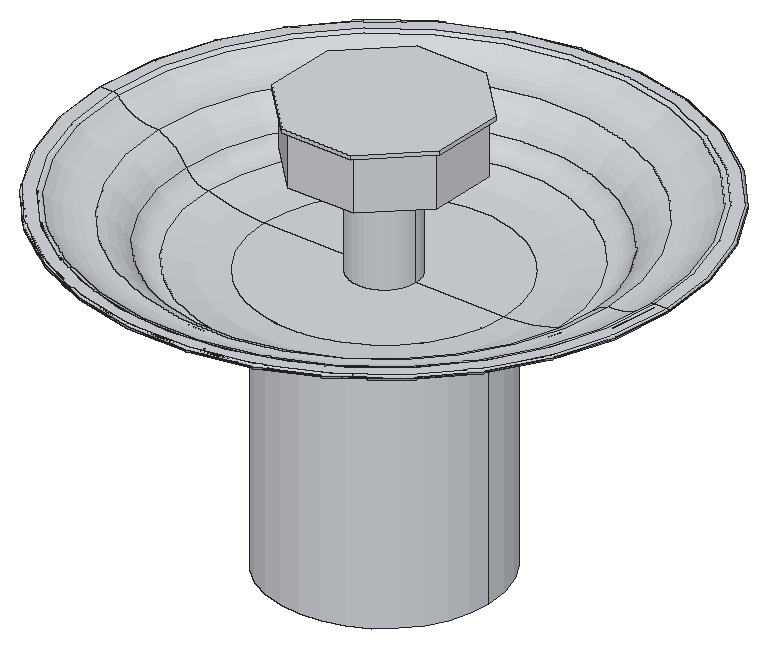
Revit family "Washfountain-Willoughby-WWF-5408-FLR-JR", category Plumbing Fixtures, Revit 2015
Parameters (values of type "Standard")
  Waste DIA = 2"
  Waste Connection = yes
  Vent Connection = no
  URL = "https://www.willoughby-ind.com/wp-content/uploads/2018/01/WAF-5408.pdf"
  Revision = "A"
  Model = "WWF-5408-FLR-JR"
  Manufacturer = "Willoughby Industries"
  HW Connection = yes
  HCW DIA = 1/2"
  Fixture Body = Stainless Steel AISI 304-Willoughby
  Description = "Eight Station Washfountain, Floor Mounted, Junior Height"
  Default Elevation = 0' - 0"
  Contact = "(800) 428-4065"
  CW Connection = yes
Reference planes (in)
  plane 1 "Center (Front/Back)": y = 0
  plane 2: z = 0
  plane 3 "Center (Left/Right)": x = 0
  plane 4: x = -27
  plane 5: x = 27
  plane 6 "Top Pf Sink": z = 34
  plane 7 "Bottom Of Sink": z = 27.5
  plane 8: x = 10
  plane 9: x = -10
  plane 10 "Bottom Of Faucet Head": z = 37.0625
  plane 11 "Faucet Head HGT": z = 41.875
  plane 12 "Top Of Cap": z = 42.25
Forms (in)
  Revolve 1, solid
    sketch origin (0, 0, -20) x (1, 0, 0) y (0, 0, 1)
      loop
        line (-27, 53.83658) -> (-27, 53.7862)
        arc (-27, 53.7862) -> (-26.95279, 53.67221) -> (-26.8388, 53.625) r 0.1612
        line (-26.8388, 53.625) -> (-25.625, 53.625)
        arc (-25.625, 53.625) -> (-23.73121, 52.27152) -> (-21.4375, 51.875) r 5.22415
        arc (-21.4375, 51.875) -> (-20.07609, 51.04401) -> (-19.0625, 49.8125) r 4.79567
        arc (-19.0625, 49.8125) -> (-18.07558, 48.76236) -> (-16.6875, 48.375) r 2.68071
        arc (-16.6875, 48.375) -> (-14.06704, 47.72021) -> (-11.375, 47.5) r 16.56473
        line (-11.375, 47.5) -> (0, 47.5) -> (0, 47.875) -> (-11.375, 47.875)
        arc (-11.375, 47.875) -> (-14.03757, 48.09545) -> (-16.62764, 48.75078) r 16.18973
        arc (-16.62764, 48.75078) -> (-17.85869, 49.06961) -> (-18.73348, 49.99258) r 2.30571
        arc (-18.73348, 49.99258) -> (-19.85977, 51.35263) -> (-21.37804, 52.25438) r 5.17067
        arc (-21.37804, 52.25438) -> (-23.50505, 52.5843) -> (-25.27973, 53.80231) r 4.84915
        arc (-25.27973, 53.80231) -> (-25.48482, 53.94841) -> (-25.73129, 54) r 0.61458
        line (-25.73129, 54) -> (-26.83658, 54)
        arc (-26.83658, 54) -> (-26.95213, 53.95213) -> (-27, 53.83658) r 0.16342
      axis (0, 54) -> (0, 47.5)
    angle from 0 to 360
  Revolve 2, solid
    sketch origin (0, 0, 0) x (1, 0, 0) y (0, 0, 1)
      loop
        line (0, 27.5) -> (-10, 27.5) -> (-10, 3) -> (0, 3) -> (0, 27.5)
      axis (0, 27.5) -> (0, 3)
    angle from 0 to 360
  Revolve 3, solid
    sketch origin (0, 0, 0) x (1, 0, 0) y (0, 0, 1)
      loop
        line (0, 34) -> (0, 37.0625) -> (-3, 37.0625) -> (-3, 27.5) -> (0, 27.5) -> (0, 34)
      axis (0, 37.0625) -> (0, 27.5)
    angle from 0 to 360
  Extrusion 4, solid
    sketch origin (0, 0, 42.25) x (1, 0, 0) y (0, 1, 0)
      loop
        line (-3.3135, 8) -> (-7.9995, 3.314) -> (-7.9995, -3.314) -> (-3.3135, -8) -> (3.3135, -8) -> (7.9995, -3.314) -> (7.9995, 3.314) -> (3.3135, 8) -> (-3.3135, 8)
    from 0 to -0.375
  Extrusion 5, solid
    sketch origin (0, 0, 37.0625) x (1, 0, 0) y (0, 1, 0)
      loop
        line (-3.1065, 7.5) -> (-7.49975, 3.10675) -> (-7.49975, -3.10625) -> (-3.1065, -7.49951) -> (3.1065, -7.49951) -> (7.49975, -3.10625) -> (7.49975, 3.10675) -> (3.1065, 7.5) -> (-3.1065, 7.5)
    from 0 to 4.8125
  Extrusion 6, solid, detail levels medium+fine
    sketch origin (0, 0, 3) x (1, 0, 0) y (0, 1, 0)
      loop
        circle (4, -2) r 1
    from 0 to 3
  Extrusion 7, solid, detail levels medium+fine
    sketch origin (0, 0, 3) x (1, 0, 0) y (0, 1, 0)
      loop
        circle (-2, -2) r 0.25
    from 0 to 3
  Extrusion 8, solid, detail levels medium+fine
    sketch origin (0, 0, 3) x (1, 0, 0) y (0, 1, 0)
      loop
        circle (-2, -6) r 0.25
    from 0 to 3
Lines and regions (in)
  symbolic lines
    curve 1: line (6.92865, 0, 41.875) -> (-6.92865, 0, 41.875)
    curve 2: line (-6.92865, 0, 41.875) -> (-6.92865, 0, 37.0625)
    curve 3: line (-6.92865, 0, 37.0625) -> (6.92865, 0, 37.0625)
    curve 4: line (6.92865, 0, 37.0625) -> (6.92865, 0, 41.875)
    curve 5: line (6.92865, 0, 41.875) -> (7.506, 0, 41.875)
    curve 6: line (7.506, 0, 41.875) -> (7.506, 0, 42.25)
    curve 7: line (7.506, 0, 42.25) -> (-7.506, 0, 42.25)
    curve 8: line (-7.506, 0, 42.25) -> (-7.506, 0, 41.875)
    curve 9: line (-7.506, 0, 41.875) -> (-6.92865, 0, 41.875)
    curve 10: line (-3, 0, 37.0625) -> (-3, 0, 34)
    curve 11: line (3, 0, 37.0625) -> (3, 0, 34)
    curve 12: line (26.87149, 0, 34) -> (-26.83229, 0, 34)
    curve 13: line (-26.83229, 0, 33.61752) -> (26.87149, 0, 33.61752)
    curve 14: arc (26.87149, 0, 33.61752) -> (27.00384, 0, 33.80876) -> (26.87149, 0, 34) r 0.20434
    curve 15: arc (-26.83229, 0, 34) -> (-27.02353, 0, 33.80876) -> (-26.83229, 0, 33.61752) r 0.19124
    curve 16: arc (-25.59331, 0, 33.61752) -> (-23.7164, 0, 32.26691) -> (-21.4375, 0, 31.875) r 5.14341
    curve 17: arc (-21.4375, 0, 31.875) -> (-20.06597, 0, 31.05566) -> (-19.0625, 0, 29.8125) r 4.547
    curve 18: arc (-19.0625, 0, 29.8125) -> (-18.06774, 0, 28.7753) -> (-16.6875, 0, 28.375) r 2.77422
    curve 19: arc (-16.6875, 0, 28.375) -> (-13.38121, 0, 27.65121) -> (-10, 0, 27.5) r 19.83774
    curve 20: line (-10, 0, 27.5) -> (10, 0, 27.5)
    curve 21: arc (10, 0, 27.5) -> (13.38558, 0, 27.6178) -> (16.6875, 0, 28.375) r 17.7964
    curve 22: arc (16.6875, 0, 28.375) -> (18.08141, 0, 28.75272) -> (19.0625, 0, 29.8125) r 2.61603
    curve 23: arc (19.0625, 0, 29.8125) -> (20.07709, 0, 31.04286) -> (21.4375, 0, 31.875) r 4.82202
    curve 24: arc (21.4375, 0, 31.875) -> (23.7314, 0, 32.26527) -> (25.625, 0, 33.61752) r 5.19634
    curve 25: line (-10, 0, 27.5) -> (-10, 0, 0)
    curve 26: line (-10, 0, 0) -> (10, 0, 0)
    curve 27: line (10, 0, 0) -> (10, 0, 27.5)
    curve 28: line (0, 7.5, 41.875) -> (0, -7.49951, 41.875)
    curve 29: line (0, -7.49951, 41.875) -> (0, -7.49951, 37.0625)
    curve 30: line (0, -7.49951, 37.0625) -> (0, 7.5, 37.0625)
    curve 31: line (0, 7.5, 37.0625) -> (0, 7.5, 41.875)
    curve 32: line (0, 7.5, 41.875) -> (0, 8, 41.875)
    curve 33: line (0, 8, 41.875) -> (0, 8, 42.25)
    curve 34: line (0, 8, 42.25) -> (0, -8, 42.25)
    curve 35: line (0, -8, 42.25) -> (0, -8, 41.875)
    curve 36: line (0, -8, 41.875) -> (0, -7.49951, 41.875)
    curve 37: line (0, -3, 37.0625) -> (0, -3, 34)
    curve 38: line (0, 3, 37.0625) -> (0, 3, 34)
    curve 39: line (0, -26.83395, 34) -> (0, 26.91605, 34)
    curve 40: line (0, 26.91605, 33.62562) -> (0, -26.83395, 33.62562)
    curve 41: arc (0, -26.83395, 33.62562) -> (0, -27.02114, 33.81281) -> (0, -26.83395, 34) r 0.18719
    curve 42: arc (0, -25.58395, 33.62562) -> (0, -23.71865, 32.25782) -> (0, -21.4375, 31.875) r 5.00412
    curve 43: arc (0, -21.4375, 31.875) -> (0, -20.07204, 31.04868) -> (0, -19.0625, 29.8125) r 4.69264
    curve 44: arc (0, -19.0625, 29.8125) -> (0, -18.06335, 28.78256) -> (0, -16.6875, 28.375) r 2.83032
    curve 45: arc (0, -16.6875, 28.375) -> (0, -13.38434, 27.62729) -> (0, -10, 27.5) r 18.33134
    curve 46: line (0, -10, 27.5) -> (0, 10, 27.5)
    curve 47: arc (0, 10, 27.5) -> (0, 13.3855, 27.61838) -> (0, 16.6875, 28.375) r 17.82836
    curve 48: arc (0, 16.6875, 28.375) -> (0, 18.06981, 28.77189) -> (0, 19.0625, 29.8125) r 2.74878
    curve 49: arc (0, 19.0625, 29.8125) -> (0, 20.06312, 31.05895) -> (0, 21.4375, 31.875) r 4.48194
    curve 50: arc (0, 21.4375, 31.875) -> (0, 23.7357, 32.26457) -> (0, 25.62805, 33.62562) r 5.16077
    curve 51: line (0, 10, 27.5) -> (0, 10, 0)
    curve 52: line (0, 10, 0) -> (0, -10, 0)
    curve 53: line (0, -10, 0) -> (0, -10, 27.5)
    curve 54: circle (0, 0, 0) r 27 normal (0, 0, 1)
    curve 57: line (-7.9995, 3.314, 0) -> (-3.3135, 8, 0)
    curve 58: line (-3.3135, 8, 0) -> (3.3135, 8, 0)
    curve 59: line (3.3135, 8, 0) -> (7.9995, 3.314, 0)
    curve 60: line (7.9995, 3.314, 0) -> (7.9995, -3.314, 0)
    curve 61: line (7.9995, -3.314, 0) -> (3.3135, -8, 0)
    curve 62: line (3.3135, -8, 0) -> (-3.3135, -8, 0)
    curve 63: line (-3.3135, -8, 0) -> (-7.9995, -3.314, 0)
    curve 64: line (-7.9995, -3.314, 0) -> (-7.9995, 3.314, 0)
    curve 65: line (7.49975, 0, 37.05149) -> (7.49975, 0, 41.875)
    curve 66: line (7.49975, 0, 41.875) -> (-7.506, 0, 41.875)
    curve 67: line (-7.506, 0, 41.875) -> (-7.506, 0, 37.05149)
    curve 68: line (-7.506, 0, 37.05149) -> (7.49975, 0, 37.05149)
    curve 69: line (7.506, 0, 41.875) -> (7.9995, 0, 41.875)
    curve 70: line (7.9995, 0, 41.875) -> (7.9995, 0, 42.25)
    curve 71: line (7.9995, 0, 42.25) -> (-7.9995, 0, 42.25)
    curve 72: line (-7.9995, 0, 42.25) -> (-7.9995, 0, 41.875)
  symbolic lines, detail levels fine
    curve 55: circle (0, 0, 0) r 21.4375 normal (0, 0, 1)
    curve 56: circle (0, 0, 0) r 16.6875 normal (0, 0, 1)
Dimensions and locks (in)
  equal spacing: plane 4, plane 3 "Center (Left/Right)", plane 5
  equal spacing: plane 8, plane 3 "Center (Left/Right)", plane 9, locked at 10 each
  aligned and locked: Revolve 2 sketch curve to Revolve 2 sketch curve  (x3)
  aligned and locked: Revolve 3 sketch curve to Revolve 3 sketch curve  (x2)
  aligned and locked: Extrusion 4 to plane 11 "Faucet Head HGT"
  aligned and locked: plane 12 "Top Of Cap" to Extrusion 4
  aligned and locked: plane 11 "Faucet Head HGT" to Extrusion 5
Automatic sketch dimensions
  Revolve 3 sketch curve to plane 7 "Bottom Of Sink" = 0' - 0"  (x2)
  Revolve 3 sketch curve to plane 3 "Center (Left/Right)" = 0' - 0"
  Revolve 3 sketch curve to plane 6 "Top Pf Sink" = 0' - 0"
  Revolve 3 sketch curve to Revolve 3 sketch curve = 0' - 3"
  plane 6 "Top Pf Sink" to Revolve 3 sketch curve = 0' - 3 1/16"
  Revolve 1 sketch curve to Revolve 1 sketch curve = 0' - 0"  (x9)
  plane 4 to Revolve 1 sketch curve = 0' - 0"
  Revolve 1 sketch curve to plane 6 "Top Pf Sink" = 0' - 0"  (x2)
  Revolve 1 sketch curve to plane 3 "Center (Left/Right)" = 0' - 0"  (x2)
  Revolve 1 sketch curve to plane 7 "Bottom Of Sink" = 0' - 0"  (x2)
  Revolve 1 sketch curve to Revolve 1 sketch curve = 0' - 0.1612"
  Revolve 1 sketch curve to Revolve 1 sketch curve = 0' - 0.00223"
  Revolve 1 sketch curve to Revolve 1 sketch curve = 0' - 1.10529"
  Revolve 1 sketch curve to Revolve 1 sketch curve = 0' - 0.10629"
  Revolve 1 sketch curve to plane 7 "Bottom Of Sink" = 0' - 0.07688"
  Revolve 1 sketch curve to plane 4 = 0' - 3.77945"
  plane 10 "Bottom Of Faucet Head" to Revolve 1 sketch curve = 0' - 0.02918"
  Revolve 1 sketch curve to Revolve 1 sketch curve = 0' - 4.01447"
  Revolve 1 sketch curve to plane 9 = 0' - 6 11/16"
  Revolve 1 sketch curve to plane 9 = 0' - 1 3/8"
  Revolve 1 sketch curve to Revolve 1 sketch curve = 0' - 0 3/8"
  Revolve 1 sketch curve to plane 6 "Top Pf Sink" = 0' - 2.94429"
  Revolve 1 sketch curve to Revolve 1 sketch curve = 0' - 0.61458"
  Revolve 1 sketch curve to Revolve 1 sketch curve = 0' - 0.23958"
  plane 12 "Top Of Cap" to Revolve 1 sketch curve = 0' - 1.81473"
  Revolve 1 sketch curve to Revolve 1 sketch curve = 0' - 3.84223"
  Revolve 1 sketch curve to Revolve 1 sketch curve = 0' - 0.05946"
  Revolve 1 sketch curve to Revolve 1 sketch curve = 0' - 0.32902"
  plane 1 "Center (Front/Back)" to Extrusion 6 sketch curve = 0' - 2"
  plane 3 "Center (Left/Right)" to Extrusion 6 sketch curve = 0' - 4"
  Extrusion 7 sketch curve to plane 3 "Center (Left/Right)" = 0' - 2"
  plane 1 "Center (Front/Back)" to Extrusion 7 sketch curve = 0' - 2"
  Extrusion 8 sketch curve to plane 3 "Center (Left/Right)" = 0' - 2"
  plane 1 "Center (Front/Back)" to Extrusion 8 sketch curve = 0' - 6"
  Extrusion 4 sketch curve to plane 3 "Center (Left/Right)" = 0' - 3.3135"  (x2)
  plane 9 to Extrusion 4 sketch curve = 0' - 2.0005"
  plane 3 "Center (Left/Right)" to Extrusion 4 sketch curve = 0' - 3.3135"  (x2)
  Extrusion 4 sketch curve to plane 8 = 0' - 2.0005"
  plane 1 "Center (Front/Back)" to Extrusion 4 sketch curve = 0' - 3.314"  (x2)
  Extrusion 4 sketch curve to plane 1 "Center (Front/Back)" = 0' - 3.314"  (x2)
  Extrusion 4 sketch curve to Extrusion 4 sketch curve = 0' - 4.686"  (x2)
  Extrusion 5 sketch curve to plane 3 "Center (Left/Right)" = 0' - 3.1065"  (x2)
  plane 9 to Extrusion 5 sketch curve = 0' - 2.50025"
  plane 3 "Center (Left/Right)" to Extrusion 5 sketch curve = 0' - 3.1065"  (x2)
  Extrusion 5 sketch curve to plane 8 = 0' - 2.50025"
  plane 1 "Center (Front/Back)" to Extrusion 5 sketch curve = 0' - 3.10625"  (x2)
  Extrusion 5 sketch curve to plane 1 "Center (Front/Back)" = 0' - 3.10675"  (x2)
  Extrusion 5 sketch curve to Extrusion 5 sketch curve = 0' - 4.39325"  (x2)
  curve 54 to curve 56 = 0' - 0"  (x2)
  curve 55 to curve 56 = 0' - 0"  (x2)
  plane 1 "Center (Front/Back)" to curve 54 = 0' - 0"
  curve 54 to plane 3 "Center (Left/Right)" = 0' - 0"
  curve 62 to plane 3 "Center (Left/Right)" = 0' - 3.3135"
  curve 57 to plane 3 "Center (Left/Right)" = 0' - 3.3135"
  plane 3 "Center (Left/Right)" to curve 61 = 0' - 3.3135"
  plane 3 "Center (Left/Right)" to curve 59 = 0' - 3.3135"
  curve 59 to plane 8 = 0' - 2.0005"
  plane 1 "Center (Front/Back)" to curve 61 = 0' - 3.314"
  plane 1 "Center (Front/Back)" to curve 63 = 0' - 8"
  curve 60 to plane 1 "Center (Front/Back)" = 0' - 3.314"
  curve 58 to plane 1 "Center (Front/Back)" = 0' - 8"
  plane 9 to curve 64 = 0' - 2.0005"
  plane 1 "Center (Front/Back)" to curve 64 = 0' - 3.314"
  curve 57 to plane 1 "Center (Front/Back)" = 0' - 3.314"
  curve 15 to plane 6 "Top Pf Sink" = 0' - 0"
  curve 19 to plane 7 "Bottom Of Sink" = 0' - 0"
  curve 19 to plane 9 = 0' - 0"
  curve 72 to plane 11 "Faucet Head HGT" = 0' - 0"
  curve 71 to plane 12 "Top Of Cap" = 0' - 0"
  curve 8 to plane 11 "Faucet Head HGT" = 0' - 0"
  curve 7 to plane 12 "Top Of Cap" = 0' - 0"
  curve 3 to plane 10 "Bottom Of Faucet Head" = 0' - 0"
  curve 20 to plane 8 = 0' - 0"
  curve 25 to level = 0' - 0"
  curve 19 to plane 9 = 0' - 0.80755"
  curve 18 to plane 9 = 0' - 6.63125"
  curve 16 to plane 10 "Bottom Of Faucet Head" = 0' - 0.05227"
  curve 16 to plane 4 = 0' - 5.27247"
  plane 7 "Bottom Of Sink" to curve 17 = 0' - 0.12253"
  curve 17 to plane 4 = 0' - 3.95262"
  curve 12 to plane 4 = 0' - 0.16771"
  plane 9 to curve 8 = 0' - 2.494"
  curve 8 to curve 9 = 0' - 0.57735"
  curve 5 to plane 8 = 0' - 3.07135"
  curve 68 to plane 10 "Bottom Of Faucet Head" = 0' - 0.01101"
  curve 3 to curve 68 = 0' - 0.5711"
  curve 65 to curve 6 = 0' - 0.00625"
  curve 6 to curve 71 = 0' - 0.4935"
  plane 8 to curve 21 = 0' - 1.07676"
  plane 8 to curve 22 = 0' - 6.72683"
  plane 10 "Bottom Of Faucet Head" to curve 24 = 0' - 0.00031"
  plane 5 to curve 24 = 0' - 5.26498"
  curve 23 to plane 7 "Bottom Of Sink" = 0' - 0.09793"
  plane 5 to curve 23 = 0' - 3.76117"
  plane 5 to curve 14 = 0' - 0.20051"
  plane 5 to curve 13 = 0' - 0.12851"
  plane 5 to curve 12 = 0' - 0.12851"
  curve 22 to plane 6 "Top Pf Sink" = 0' - 3.00927"
  curve 18 to plane 6 "Top Pf Sink" = 0' - 2.85136"
  curve 13 to curve 15 = 0' - 0.38248"
  plane 12 "Top Of Cap" to curve 21 = 0' - 3.01379"
  plane 12 "Top Of Cap" to curve 19 = 0' - 5.0713"
  plane 7 "Bottom Of Sink" to curve 19 = 0' - 0 7/8"
  curve 17 to curve 18 = 0' - 0"
  curve 16 to plane 6 "Top Pf Sink" = 0' - 2 1/8"
  curve 72 to curve 7 = 0' - 0.4935"
  curve 10 to plane 3 "Center (Left/Right)" = 0' - 3"
  plane 3 "Center (Left/Right)" to curve 11 = 0' - 3"
  plane 7 "Bottom Of Sink" to curve 21 = 0' - 0 7/8"
  plane 7 "Bottom Of Sink" to curve 23 = 0' - 2 5/16"
  curve 23 to plane 6 "Top Pf Sink" = 0' - 2 1/8"
  curve 41 to plane 6 "Top Pf Sink" = 0' - 0"
  curve 46 to plane 7 "Bottom Of Sink" = 0' - 0"
  curve 52 to level = 0' - 0"
  curve 34 to plane 12 "Top Of Cap" = 0' - 0"
  curve 35 to plane 11 "Faucet Head HGT" = 0' - 0"
  curve 29 to plane 10 "Bottom Of Faucet Head" = 0' - 0"
  curve 40 to plane 6 "Top Pf Sink" = 0' - 0.37438"
  plane 1 "Center (Front/Back)" to curve 40 = 2' - 2.83395"
  plane 7 "Bottom Of Sink" to curve 43 = 0' - 0.00558"
  curve 41 to curve 43 = 0' - 3.68501"
  curve 42 to plane 10 "Bottom Of Faucet Head" = 0' - 0.19459"
  curve 39 to curve 42 = 0' - 5.06167"
  curve 43 to curve 44 = 0' - 6.55113"
  plane 12 "Top Of Cap" to curve 45 = 0' - 3.55371"
  plane 1 "Center (Front/Back)" to curve 45 = 0' - 11.00611"
  curve 44 to curve 46 = 0' - 6.59781"
  curve 45 to curve 34 = 0' - 3.00611"
  curve 35 to curve 29 = 0' - 0.50049"
  curve 30 to plane 1 "Center (Front/Back)" = 0' - 7 1/2"
  curve 31 to curve 32 = 0' - 0 1/2"
  curve 30 to curve 51 = 0' - 2 1/2"
  curve 33 to curve 47 = 0' - 3.07254"
  curve 48 to plane 6 "Top Pf Sink" = 0' - 2.87653"
  curve 47 to curve 48 = 0' - 6.64648"
  curve 50 to plane 10 "Bottom Of Faucet Head" = 0' - 0.03598"
  curve 48 to curve 50 = 0' - 5.09989"
  plane 7 "Bottom Of Sink" to curve 49 = 0' - 0.17493"
  curve 48 to curve 49 = 0' - 6.35538"
  curve 44 to plane 6 "Top Pf Sink" = 0' - 2.7961"
  plane 12 "Top Of Cap" to curve 47 = 0' - 3.04607"
  curve 40 to curve 42 = 0' - 1 1/4"
  curve 43 to plane 6 "Top Pf Sink" = 0' - 2 1/8"
  curve 44 to curve 43 = 0' - 0"
  plane 1 "Center (Front/Back)" to curve 37 = 0' - 3"
  curve 38 to plane 1 "Center (Front/Back)" = 0' - 3"
  plane 7 "Bottom Of Sink" to curve 47 = 0' - 0 7/8"
  curve 49 to curve 48 = 0' - 0"
  curve 50 to plane 6 "Top Pf Sink" = 0' - 2 1/8"
  curve 50 to curve 39 = 0' - 1.288"
  curve 40 to curve 39 = 0' - 0"
  Revolve 2 sketch curve to plane 7 "Bottom Of Sink" = 0' - 0"
  Revolve 2 sketch curve to plane 9 = 0' - 0"
  Revolve 2 sketch curve to plane 3 "Center (Left/Right)" = 0' - 0"
  level to Revolve 2 sketch curve = 0' - 3"
  radius of Extrusion 6 sketch curve = 0' - 1"
  radius of Extrusion 7 sketch curve = 0' - 0 1/4"
  radius of Extrusion 8 sketch curve = 0' - 0 1/4"
  radius of curve 54 = 2' - 3"
  radius of curve 55 = 1' - 9 7/16"
  radius of curve 56 = 1' - 4 11/16"
Connectors (in)
  piping at (-2, -6, 3), diameter 0.5, driven by "HCW DIA", driven by "HW Connection"
    settings: on Extrusion 8, index 1, connector inside diameter 24", connector length 0' - 0", flow factor 0, pipe flow 0.5 GPM, pressure drop 0.00 psi, fitting loss kfactor 0, connector angle 0.00°, fixture units 0, engagement length 0' - 0", angle of deflection 0.00°, flow configuration 0, flow direction 1, fitting loss method 0, system type 19, joint type 0, gender type 0, connector reference index -1, connector utility 1, adjustable connector no, is connector primary yes, connector description "HW Inlet"
  piping at (-2, -2, 3), diameter 0.5, driven by "HCW DIA", driven by "CW Connection"
    settings: on Extrusion 7, index 2, connector inside diameter 24", connector length 0' - 0", flow factor 0, pipe flow 0.5 GPM, pressure drop 0.00 psi, fitting loss kfactor 0, connector angle 0.00°, fixture units 0, engagement length 0' - 0", angle of deflection 0.00°, flow configuration 0, flow direction 1, fitting loss method 0, system type 20, joint type 0, gender type 0, connector reference index -1, connector utility 1, adjustable connector no, is connector primary no, connector description "CW Inlet"
  piping at (4, -2, 6), diameter 2
    settings: on Extrusion 6, index 3, connector inside diameter 24", connector length 0' - 0", flow factor 0, pipe flow 0 GPM, pressure drop 0.00 psi, fitting loss kfactor 0, connector angle 0.00°, fixture units 0, engagement length 0' - 0", angle of deflection 0.00°, flow configuration 0, flow direction 0, fitting loss method 0, system type 7, joint type 0, gender type 0, connector reference index -1, connector utility 0, adjustable connector no, is connector primary no, connector description ""
